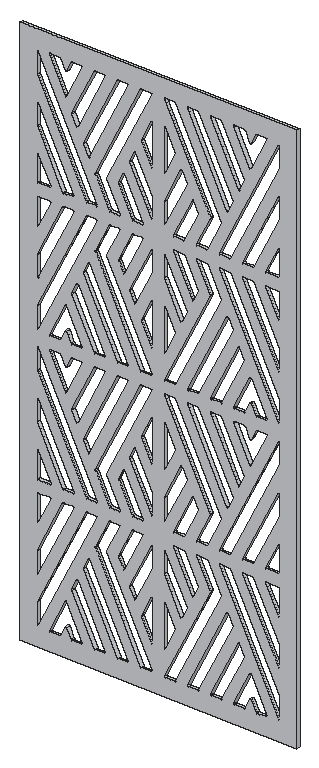
Revit family "Parking Panel 1", category Generic Models, Revit 2016
Family settings
  Part Type = Normal
  Can host rebar = No
  Round Connector Dimension = Use Diameter
  Work Plane-Based = Yes
  Always vertical = No
  Cut with Voids When Loaded = No
  Shared = No
  Room Calculation Point = No
Parameters
  Default Elevation = 4' - 0"
Reference planes (in)
  plane 1 "Center (Front/Back)": y = 0
  plane 2: z = 0
  plane 3 "Center (Left/Right)": x = 0
Forms (in)
  Extrusion 1, solid
    sketch origin (288, 0, 0) x (1, 0, 0) y (0, 0, 1)
      loop
        line (-240, 96) -> (-288, 96) -> (-288, 0) -> (-240, 0) -> (-240, 96)
      loop
        arc (-284.7632, 92.52639) -> (-284.90372, 92.59215) -> (-285, 92.47049) r 0.125
        line (-285, 92.47049) -> (-285, 89.02951)
        arc (-285, 89.02951) -> (-284.99666, 89.00079) -> (-284.9868, 88.97361) r 0.125
        line (-284.9868, 88.97361) -> (-276.53455, 72.0691)
        arc (-276.53455, 72.0691) -> (-276.48846, 72.01867) -> (-276.42275, 72) r 0.125
        line (-276.42275, 72) -> (-274.70225, 72)
        arc (-274.70225, 72) -> (-274.59592, 72.05928) -> (-274.59045, 72.1809) r 0.125
        line (-274.59045, 72.1809) -> (-284.7632, 92.52639)
      loop
        line (-278.59045, 72.1809) -> (-284.7632, 84.52639)
        arc (-284.7632, 84.52639) -> (-284.90372, 84.59215) -> (-285, 84.47049) r 0.125
        line (-285, 84.47049) -> (-285, 81.02951)
        arc (-285, 81.02951) -> (-284.99666, 81.00079) -> (-284.9868, 80.97361) r 0.125
        line (-284.9868, 80.97361) -> (-280.53455, 72.0691)
        arc (-280.53455, 72.0691) -> (-280.48846, 72.01867) -> (-280.42275, 72) r 0.125
        line (-280.42275, 72) -> (-278.70225, 72)
        arc (-278.70225, 72) -> (-278.59592, 72.05928) -> (-278.59045, 72.1809) r 0.125
      loop
        arc (-282.70225, 72) -> (-282.59592, 72.05928) -> (-282.59045, 72.1809) r 0.125
        line (-282.59045, 72.1809) -> (-284.7632, 76.52639)
        arc (-284.7632, 76.52639) -> (-284.90372, 76.59215) -> (-285, 76.47049) r 0.125
        line (-285, 76.47049) -> (-285, 72.125)
        arc (-285, 72.125) -> (-284.96339, 72.03661) -> (-284.875, 72) r 0.125
        line (-284.875, 72) -> (-282.70225, 72)
      loop
        arc (-282.79775, 93) -> (-282.90408, 92.94072) -> (-282.90955, 92.8191) r 0.125
        line (-282.90955, 92.8191) -> (-280.1118, 87.22361)
        arc (-280.1118, 87.22361) -> (-280, 87.15451) -> (-279.8882, 87.22361) r 0.125
        line (-279.8882, 87.22361) -> (-277.09045, 92.8191)
        arc (-277.09045, 92.8191) -> (-277.09592, 92.94072) -> (-277.20225, 93) r 0.125
        line (-277.20225, 93) -> (-278.92275, 93)
        arc (-278.92275, 93) -> (-278.98846, 92.98133) -> (-279.03455, 92.9309) r 0.125
        line (-279.03455, 92.9309) -> (-279.8882, 91.22361)
        arc (-279.8882, 91.22361) -> (-280, 91.15451) -> (-280.1118, 91.22361) r 0.125
        line (-280.1118, 91.22361) -> (-280.96545, 92.9309)
        arc (-280.96545, 92.9309) -> (-281.01154, 92.98133) -> (-281.07725, 93) r 0.125
        line (-281.07725, 93) -> (-282.79775, 93)
      loop
        line (-278.97205, 84.9441) -> (-278.1118, 83.22361)
        arc (-278.1118, 83.22361) -> (-278, 83.15451) -> (-277.8882, 83.22361) r 0.125
        line (-277.8882, 83.22361) -> (-273.09045, 92.8191)
        arc (-273.09045, 92.8191) -> (-273.09592, 92.94072) -> (-273.20225, 93) r 0.125
        line (-273.20225, 93) -> (-274.92275, 93)
        arc (-274.92275, 93) -> (-274.98846, 92.98133) -> (-275.03455, 92.9309) r 0.125
        line (-275.03455, 92.9309) -> (-278.97205, 85.0559)
        arc (-278.97205, 85.0559) -> (-278.98525, 85) -> (-278.97205, 84.9441) r 0.125
      loop
        arc (-269.09045, 92.8191) -> (-269.09592, 92.94072) -> (-269.20225, 93) r 0.125
        line (-269.20225, 93) -> (-270.92275, 93)
        arc (-270.92275, 93) -> (-270.98846, 92.98133) -> (-271.03455, 92.9309) r 0.125
        line (-271.03455, 92.9309) -> (-276.97205, 81.0559)
        arc (-276.97205, 81.0559) -> (-276.98525, 81) -> (-276.97205, 80.9441) r 0.125
        line (-276.97205, 80.9441) -> (-276.1118, 79.22361)
        arc (-276.1118, 79.22361) -> (-276, 79.15451) -> (-275.8882, 79.22361) r 0.125
        line (-275.8882, 79.22361) -> (-269.09045, 92.8191)
      loop
        line (-274.97205, 76.9441) -> (-272.53455, 72.0691)
        arc (-272.53455, 72.0691) -> (-272.48846, 72.01867) -> (-272.42275, 72) r 0.125
        line (-272.42275, 72) -> (-270.70225, 72)
        arc (-270.70225, 72) -> (-270.59592, 72.05928) -> (-270.59045, 72.1809) r 0.125
        line (-270.59045, 72.1809) -> (-272.97205, 76.9441)
        arc (-272.97205, 76.9441) -> (-272.98525, 77) -> (-272.97205, 77.0559) r 0.125
        line (-272.97205, 77.0559) -> (-265.09045, 92.8191)
        arc (-265.09045, 92.8191) -> (-265.09592, 92.94072) -> (-265.20225, 93) r 0.125
        line (-265.20225, 93) -> (-266.92275, 93)
        arc (-266.92275, 93) -> (-266.98846, 92.98133) -> (-267.03455, 92.9309) r 0.125
        line (-267.03455, 92.9309) -> (-274.97205, 77.0559)
        arc (-274.97205, 77.0559) -> (-274.98525, 77) -> (-274.97205, 76.9441) r 0.125
      loop
        arc (-265, 88.47049) -> (-265.09628, 88.59215) -> (-265.2368, 88.52639) r 0.125
        line (-265.2368, 88.52639) -> (-266.99292, 85.01416)
        arc (-266.99292, 85.01416) -> (-267.00612, 84.95826) -> (-266.99292, 84.90235) r 0.125
        line (-266.99292, 84.90235) -> (-265.2368, 81.39012)
        arc (-265.2368, 81.39012) -> (-265.09628, 81.32436) -> (-265, 81.44602) r 0.125
        line (-265, 81.44602) -> (-265, 88.47049)
      loop
        arc (-265, 76.887) -> (-265.00334, 76.91572) -> (-265.0132, 76.9429) r 0.125
        line (-265.0132, 76.9429) -> (-267.90907, 82.73465)
        arc (-267.90907, 82.73465) -> (-268.02087, 82.80375) -> (-268.13268, 82.73465) r 0.125
        line (-268.13268, 82.73465) -> (-268.98249, 81.03503)
        arc (-268.98249, 81.03503) -> (-268.99568, 80.97913) -> (-268.98249, 80.92323) r 0.125
        line (-268.98249, 80.92323) -> (-265.2368, 73.43186)
        arc (-265.2368, 73.43186) -> (-265.09628, 73.36611) -> (-265, 73.48776) r 0.125
        line (-265, 73.48776) -> (-265, 76.887)
      loop
        arc (-270.97205, 77.0559) -> (-270.98525, 77) -> (-270.97205, 76.9441) r 0.125
        line (-270.97205, 76.9441) -> (-268.53523, 72.07046)
        arc (-268.53523, 72.07046) -> (-268.48914, 72.02003) -> (-268.42343, 72.00136) r 0.125
        line (-268.42343, 72.00136) -> (-266.72381, 72.00136)
        arc (-266.72381, 72.00136) -> (-266.61748, 72.06064) -> (-266.612, 72.18226) r 0.125
        line (-266.612, 72.18226) -> (-269.89863, 78.75552)
        arc (-269.89863, 78.75552) -> (-270.01044, 78.82462) -> (-270.12224, 78.75552) r 0.125
        line (-270.12224, 78.75552) -> (-270.97205, 77.0559)
      loop
        line (-284.7632, 49.47361) -> (-274.59045, 69.8191)
        arc (-274.59045, 69.8191) -> (-274.59592, 69.94072) -> (-274.70225, 70) r 0.125
        line (-274.70225, 70) -> (-276.42275, 70)
        arc (-276.42275, 70) -> (-276.48846, 69.98133) -> (-276.53455, 69.9309) r 0.125
        line (-276.53455, 69.9309) -> (-284.9868, 53.02639)
        arc (-284.9868, 53.02639) -> (-284.99666, 52.99921) -> (-285, 52.97049) r 0.125
        line (-285, 52.97049) -> (-285, 49.52951)
        arc (-285, 49.52951) -> (-284.90372, 49.40785) -> (-284.7632, 49.47361) r 0.125
      loop
        arc (-278.59045, 69.8191) -> (-278.59592, 69.94072) -> (-278.70225, 70) r 0.125
        line (-278.70225, 70) -> (-280.42275, 70)
        arc (-280.42275, 70) -> (-280.48846, 69.98133) -> (-280.53455, 69.9309) r 0.125
        line (-280.53455, 69.9309) -> (-284.9868, 61.02639)
        arc (-284.9868, 61.02639) -> (-284.99666, 60.99921) -> (-285, 60.97049) r 0.125
        line (-285, 60.97049) -> (-285, 57.52951)
        arc (-285, 57.52951) -> (-284.90372, 57.40785) -> (-284.7632, 57.47361) r 0.125
        line (-284.7632, 57.47361) -> (-278.59045, 69.8191)
      loop
        line (-282.70225, 70) -> (-284.875, 70)
        arc (-284.875, 70) -> (-284.96339, 69.96339) -> (-285, 69.875) r 0.125
        line (-285, 69.875) -> (-285, 65.52951)
        arc (-285, 65.52951) -> (-284.90372, 65.40785) -> (-284.7632, 65.47361) r 0.125
        line (-284.7632, 65.47361) -> (-282.59045, 69.8191)
        arc (-282.59045, 69.8191) -> (-282.59592, 69.94072) -> (-282.70225, 70) r 0.125
      loop
        line (-282.79775, 49) -> (-281.07725, 49)
        arc (-281.07725, 49) -> (-281.01154, 49.01867) -> (-280.96545, 49.0691) r 0.125
        line (-280.96545, 49.0691) -> (-280.1118, 50.77639)
        arc (-280.1118, 50.77639) -> (-280, 50.84549) -> (-279.8882, 50.77639) r 0.125
        line (-279.8882, 50.77639) -> (-279.03455, 49.0691)
        arc (-279.03455, 49.0691) -> (-278.98846, 49.01867) -> (-278.92275, 49) r 0.125
        line (-278.92275, 49) -> (-277.20225, 49)
        arc (-277.20225, 49) -> (-277.09592, 49.05928) -> (-277.09045, 49.1809) r 0.125
        line (-277.09045, 49.1809) -> (-279.8882, 54.77639)
        arc (-279.8882, 54.77639) -> (-280, 54.84549) -> (-280.1118, 54.77639) r 0.125
        line (-280.1118, 54.77639) -> (-282.90955, 49.1809)
        arc (-282.90955, 49.1809) -> (-282.90408, 49.05928) -> (-282.79775, 49) r 0.125
      loop
        arc (-278.97205, 57.0559) -> (-278.98525, 57) -> (-278.97205, 56.9441) r 0.125
        line (-278.97205, 56.9441) -> (-275.03455, 49.0691)
        arc (-275.03455, 49.0691) -> (-274.98846, 49.01867) -> (-274.92275, 49) r 0.125
        line (-274.92275, 49) -> (-273.20225, 49)
        arc (-273.20225, 49) -> (-273.09592, 49.05928) -> (-273.09045, 49.1809) r 0.125
        line (-273.09045, 49.1809) -> (-277.8882, 58.77639)
        arc (-277.8882, 58.77639) -> (-278, 58.84549) -> (-278.1118, 58.77639) r 0.125
        line (-278.1118, 58.77639) -> (-278.97205, 57.0559)
      loop
        line (-269.09045, 49.1809) -> (-275.8882, 62.77639)
        arc (-275.8882, 62.77639) -> (-276, 62.84549) -> (-276.1118, 62.77639) r 0.125
        line (-276.1118, 62.77639) -> (-276.97205, 61.0559)
        arc (-276.97205, 61.0559) -> (-276.98525, 61) -> (-276.97205, 60.9441) r 0.125
        line (-276.97205, 60.9441) -> (-271.03455, 49.0691)
        arc (-271.03455, 49.0691) -> (-270.98846, 49.01867) -> (-270.92275, 49) r 0.125
        line (-270.92275, 49) -> (-269.20225, 49)
        arc (-269.20225, 49) -> (-269.09592, 49.05928) -> (-269.09045, 49.1809) r 0.125
      loop
        arc (-274.97205, 65.0559) -> (-274.98525, 65) -> (-274.97205, 64.9441) r 0.125
        line (-274.97205, 64.9441) -> (-267.03455, 49.0691)
        arc (-267.03455, 49.0691) -> (-266.98846, 49.01867) -> (-266.92275, 49) r 0.125
        line (-266.92275, 49) -> (-265.20225, 49)
        arc (-265.20225, 49) -> (-265.09592, 49.05928) -> (-265.09045, 49.1809) r 0.125
        line (-265.09045, 49.1809) -> (-272.97205, 64.9441)
        arc (-272.97205, 64.9441) -> (-272.98525, 65) -> (-272.97205, 65.0559) r 0.125
        line (-272.97205, 65.0559) -> (-270.59045, 69.8191)
        arc (-270.59045, 69.8191) -> (-270.59592, 69.94072) -> (-270.70225, 70) r 0.125
        line (-270.70225, 70) -> (-272.42275, 70)
        arc (-272.42275, 70) -> (-272.48846, 69.98133) -> (-272.53455, 69.9309) r 0.125
        line (-272.53455, 69.9309) -> (-274.97205, 65.0559)
      loop
        line (-265, 53.52951) -> (-265, 60.55398)
        arc (-265, 60.55398) -> (-265.09628, 60.67564) -> (-265.2368, 60.60988) r 0.125
        line (-265.2368, 60.60988) -> (-266.99292, 57.09765)
        arc (-266.99292, 57.09765) -> (-267.00612, 57.04174) -> (-266.99292, 56.98584) r 0.125
        line (-266.99292, 56.98584) -> (-265.2368, 53.47361)
        arc (-265.2368, 53.47361) -> (-265.09628, 53.40785) -> (-265, 53.52951) r 0.125
      loop
        line (-265, 65.113) -> (-265, 68.51224)
        arc (-265, 68.51224) -> (-265.09628, 68.63389) -> (-265.2368, 68.56814) r 0.125
        line (-265.2368, 68.56814) -> (-268.98249, 61.07677)
        arc (-268.98249, 61.07677) -> (-268.99568, 61.02087) -> (-268.98249, 60.96497) r 0.125
        line (-268.98249, 60.96497) -> (-268.13268, 59.26535)
        arc (-268.13268, 59.26535) -> (-268.02087, 59.19625) -> (-267.90907, 59.26535) r 0.125
        line (-267.90907, 59.26535) -> (-265.0132, 65.0571)
        arc (-265.0132, 65.0571) -> (-265.00334, 65.08428) -> (-265, 65.113) r 0.125
      loop
        line (-270.97205, 64.9441) -> (-270.12224, 63.24448)
        arc (-270.12224, 63.24448) -> (-270.01044, 63.17538) -> (-269.89863, 63.24448) r 0.125
        line (-269.89863, 63.24448) -> (-266.612, 69.81774)
        arc (-266.612, 69.81774) -> (-266.61748, 69.93936) -> (-266.72381, 69.99864) r 0.125
        line (-266.72381, 69.99864) -> (-268.42343, 69.99864)
        arc (-268.42343, 69.99864) -> (-268.48914, 69.97997) -> (-268.53523, 69.92954) r 0.125
        line (-268.53523, 69.92954) -> (-270.97205, 65.0559)
        arc (-270.97205, 65.0559) -> (-270.98525, 65) -> (-270.97205, 64.9441) r 0.125
      loop
        line (-243.2368, 92.52639) -> (-253.40955, 72.1809)
        arc (-253.40955, 72.1809) -> (-253.40408, 72.05928) -> (-253.29775, 72) r 0.125
        line (-253.29775, 72) -> (-251.57725, 72)
        arc (-251.57725, 72) -> (-251.51154, 72.01867) -> (-251.46545, 72.0691) r 0.125
        line (-251.46545, 72.0691) -> (-243.0132, 88.97361)
        arc (-243.0132, 88.97361) -> (-243.00334, 89.00079) -> (-243, 89.02951) r 0.125
        line (-243, 89.02951) -> (-243, 92.47049)
        arc (-243, 92.47049) -> (-243.09628, 92.59215) -> (-243.2368, 92.52639) r 0.125
      loop
        arc (-249.40955, 72.1809) -> (-249.40408, 72.05928) -> (-249.29775, 72) r 0.125
        line (-249.29775, 72) -> (-247.57725, 72)
        arc (-247.57725, 72) -> (-247.51154, 72.01867) -> (-247.46545, 72.0691) r 0.125
        line (-247.46545, 72.0691) -> (-243.0132, 80.97361)
        arc (-243.0132, 80.97361) -> (-243.00334, 81.00079) -> (-243, 81.02951) r 0.125
        line (-243, 81.02951) -> (-243, 84.47049)
        arc (-243, 84.47049) -> (-243.09628, 84.59215) -> (-243.2368, 84.52639) r 0.125
        line (-243.2368, 84.52639) -> (-249.40955, 72.1809)
      loop
        line (-245.29775, 72) -> (-243.125, 72)
        arc (-243.125, 72) -> (-243.03661, 72.03661) -> (-243, 72.125) r 0.125
        line (-243, 72.125) -> (-243, 76.47049)
        arc (-243, 76.47049) -> (-243.09628, 76.59215) -> (-243.2368, 76.52639) r 0.125
        line (-243.2368, 76.52639) -> (-245.40955, 72.1809)
        arc (-245.40955, 72.1809) -> (-245.40408, 72.05928) -> (-245.29775, 72) r 0.125
      loop
        line (-245.20225, 93) -> (-246.92275, 93)
        arc (-246.92275, 93) -> (-246.98846, 92.98133) -> (-247.03455, 92.9309) r 0.125
        line (-247.03455, 92.9309) -> (-247.8882, 91.22361)
        arc (-247.8882, 91.22361) -> (-248, 91.15451) -> (-248.1118, 91.22361) r 0.125
        line (-248.1118, 91.22361) -> (-248.96545, 92.9309)
        arc (-248.96545, 92.9309) -> (-249.01154, 92.98133) -> (-249.07725, 93) r 0.125
        line (-249.07725, 93) -> (-250.79775, 93)
        arc (-250.79775, 93) -> (-250.90408, 92.94072) -> (-250.90955, 92.8191) r 0.125
        line (-250.90955, 92.8191) -> (-248.1118, 87.22361)
        arc (-248.1118, 87.22361) -> (-248, 87.15451) -> (-247.8882, 87.22361) r 0.125
        line (-247.8882, 87.22361) -> (-245.09045, 92.8191)
        arc (-245.09045, 92.8191) -> (-245.09592, 92.94072) -> (-245.20225, 93) r 0.125
      loop
        arc (-249.02795, 84.9441) -> (-249.01475, 85) -> (-249.02795, 85.0559) r 0.125
        line (-249.02795, 85.0559) -> (-252.96545, 92.9309)
        arc (-252.96545, 92.9309) -> (-253.01154, 92.98133) -> (-253.07725, 93) r 0.125
        line (-253.07725, 93) -> (-254.79775, 93)
        arc (-254.79775, 93) -> (-254.90408, 92.94072) -> (-254.90955, 92.8191) r 0.125
        line (-254.90955, 92.8191) -> (-250.1118, 83.22361)
        arc (-250.1118, 83.22361) -> (-250, 83.15451) -> (-249.8882, 83.22361) r 0.125
        line (-249.8882, 83.22361) -> (-249.02795, 84.9441)
      loop
        line (-258.90955, 92.8191) -> (-252.1118, 79.22361)
        arc (-252.1118, 79.22361) -> (-252, 79.15451) -> (-251.8882, 79.22361) r 0.125
        line (-251.8882, 79.22361) -> (-251.02795, 80.9441)
        arc (-251.02795, 80.9441) -> (-251.01475, 81) -> (-251.02795, 81.0559) r 0.125
        line (-251.02795, 81.0559) -> (-256.96545, 92.9309)
        arc (-256.96545, 92.9309) -> (-257.01154, 92.98133) -> (-257.07725, 93) r 0.125
        line (-257.07725, 93) -> (-258.79775, 93)
        arc (-258.79775, 93) -> (-258.90408, 92.94072) -> (-258.90955, 92.8191) r 0.125
      loop
        arc (-253.02795, 76.9441) -> (-253.01475, 77) -> (-253.02795, 77.0559) r 0.125
        line (-253.02795, 77.0559) -> (-260.96545, 92.9309)
        arc (-260.96545, 92.9309) -> (-261.01154, 92.98133) -> (-261.07725, 93) r 0.125
        line (-261.07725, 93) -> (-262.79775, 93)
        arc (-262.79775, 93) -> (-262.90408, 92.94072) -> (-262.90955, 92.8191) r 0.125
        line (-262.90955, 92.8191) -> (-255.02795, 77.0559)
        arc (-255.02795, 77.0559) -> (-255.01475, 77) -> (-255.02795, 76.9441) r 0.125
        line (-255.02795, 76.9441) -> (-257.40955, 72.1809)
        arc (-257.40955, 72.1809) -> (-257.40408, 72.05928) -> (-257.29775, 72) r 0.125
        line (-257.29775, 72) -> (-255.57725, 72)
        arc (-255.57725, 72) -> (-255.51154, 72.01867) -> (-255.46545, 72.0691) r 0.125
        line (-255.46545, 72.0691) -> (-253.02795, 76.9441)
      loop
        line (-263, 88.47049) -> (-263, 81.44602)
        arc (-263, 81.44602) -> (-262.90372, 81.32436) -> (-262.7632, 81.39012) r 0.125
        line (-262.7632, 81.39012) -> (-261.00708, 84.90235)
        arc (-261.00708, 84.90235) -> (-260.99388, 84.95826) -> (-261.00708, 85.01416) r 0.125
        line (-261.00708, 85.01416) -> (-262.7632, 88.52639)
        arc (-262.7632, 88.52639) -> (-262.90372, 88.59215) -> (-263, 88.47049) r 0.125
      loop
        line (-263, 76.887) -> (-263, 73.48776)
        arc (-263, 73.48776) -> (-262.90372, 73.36611) -> (-262.7632, 73.43186) r 0.125
        line (-262.7632, 73.43186) -> (-259.01751, 80.92323)
        arc (-259.01751, 80.92323) -> (-259.00432, 80.97913) -> (-259.01751, 81.03503) r 0.125
        line (-259.01751, 81.03503) -> (-259.86732, 82.73465)
        arc (-259.86732, 82.73465) -> (-259.97913, 82.80375) -> (-260.09093, 82.73465) r 0.125
        line (-260.09093, 82.73465) -> (-262.9868, 76.9429)
        arc (-262.9868, 76.9429) -> (-262.99666, 76.91572) -> (-263, 76.887) r 0.125
      loop
        line (-257.02795, 77.0559) -> (-257.87776, 78.75552)
        arc (-257.87776, 78.75552) -> (-257.98956, 78.82462) -> (-258.10137, 78.75552) r 0.125
        line (-258.10137, 78.75552) -> (-261.388, 72.18226)
        arc (-261.388, 72.18226) -> (-261.38252, 72.06064) -> (-261.27619, 72.00136) r 0.125
        line (-261.27619, 72.00136) -> (-259.57657, 72.00136)
        arc (-259.57657, 72.00136) -> (-259.51086, 72.02003) -> (-259.46477, 72.07046) r 0.125
        line (-259.46477, 72.07046) -> (-257.02795, 76.9441)
        arc (-257.02795, 76.9441) -> (-257.01475, 77) -> (-257.02795, 77.0559) r 0.125
      loop
        line (-253.40955, 69.8191) -> (-243.2368, 49.47361)
        arc (-243.2368, 49.47361) -> (-243.09628, 49.40785) -> (-243, 49.52951) r 0.125
        line (-243, 49.52951) -> (-243, 52.97049)
        arc (-243, 52.97049) -> (-243.00334, 52.99921) -> (-243.0132, 53.02639) r 0.125
        line (-243.0132, 53.02639) -> (-251.46545, 69.9309)
        arc (-251.46545, 69.9309) -> (-251.51154, 69.98133) -> (-251.57725, 70) r 0.125
        line (-251.57725, 70) -> (-253.29775, 70)
        arc (-253.29775, 70) -> (-253.40408, 69.94072) -> (-253.40955, 69.8191) r 0.125
      loop
        line (-249.40955, 69.8191) -> (-243.2368, 57.47361)
        arc (-243.2368, 57.47361) -> (-243.09628, 57.40785) -> (-243, 57.52951) r 0.125
        line (-243, 57.52951) -> (-243, 60.97049)
        arc (-243, 60.97049) -> (-243.00334, 60.99921) -> (-243.0132, 61.02639) r 0.125
        line (-243.0132, 61.02639) -> (-247.46545, 69.9309)
        arc (-247.46545, 69.9309) -> (-247.51154, 69.98133) -> (-247.57725, 70) r 0.125
        line (-247.57725, 70) -> (-249.29775, 70)
        arc (-249.29775, 70) -> (-249.40408, 69.94072) -> (-249.40955, 69.8191) r 0.125
      loop
        arc (-245.29775, 70) -> (-245.40408, 69.94072) -> (-245.40955, 69.8191) r 0.125
        line (-245.40955, 69.8191) -> (-243.2368, 65.47361)
        arc (-243.2368, 65.47361) -> (-243.09628, 65.40785) -> (-243, 65.52951) r 0.125
        line (-243, 65.52951) -> (-243, 69.875)
        arc (-243, 69.875) -> (-243.03661, 69.96339) -> (-243.125, 70) r 0.125
        line (-243.125, 70) -> (-245.29775, 70)
      loop
        arc (-245.20225, 49) -> (-245.09592, 49.05928) -> (-245.09045, 49.1809) r 0.125
        line (-245.09045, 49.1809) -> (-247.8882, 54.77639)
        arc (-247.8882, 54.77639) -> (-248, 54.84549) -> (-248.1118, 54.77639) r 0.125
        line (-248.1118, 54.77639) -> (-250.90955, 49.1809)
        arc (-250.90955, 49.1809) -> (-250.90408, 49.05928) -> (-250.79775, 49) r 0.125
        line (-250.79775, 49) -> (-249.07725, 49)
        arc (-249.07725, 49) -> (-249.01154, 49.01867) -> (-248.96545, 49.0691) r 0.125
        line (-248.96545, 49.0691) -> (-248.1118, 50.77639)
        arc (-248.1118, 50.77639) -> (-248, 50.84549) -> (-247.8882, 50.77639) r 0.125
        line (-247.8882, 50.77639) -> (-247.03455, 49.0691)
        arc (-247.03455, 49.0691) -> (-246.98846, 49.01867) -> (-246.92275, 49) r 0.125
        line (-246.92275, 49) -> (-245.20225, 49)
      loop
        line (-249.02795, 57.0559) -> (-249.8882, 58.77639)
        arc (-249.8882, 58.77639) -> (-250, 58.84549) -> (-250.1118, 58.77639) r 0.125
        line (-250.1118, 58.77639) -> (-254.90955, 49.1809)
        arc (-254.90955, 49.1809) -> (-254.90408, 49.05928) -> (-254.79775, 49) r 0.125
        line (-254.79775, 49) -> (-253.07725, 49)
        arc (-253.07725, 49) -> (-253.01154, 49.01867) -> (-252.96545, 49.0691) r 0.125
        line (-252.96545, 49.0691) -> (-249.02795, 56.9441)
        arc (-249.02795, 56.9441) -> (-249.01475, 57) -> (-249.02795, 57.0559) r 0.125
      loop
        arc (-258.90955, 49.1809) -> (-258.90408, 49.05928) -> (-258.79775, 49) r 0.125
        line (-258.79775, 49) -> (-257.07725, 49)
        arc (-257.07725, 49) -> (-257.01154, 49.01867) -> (-256.96545, 49.0691) r 0.125
        line (-256.96545, 49.0691) -> (-251.02795, 60.9441)
        arc (-251.02795, 60.9441) -> (-251.01475, 61) -> (-251.02795, 61.0559) r 0.125
        line (-251.02795, 61.0559) -> (-251.8882, 62.77639)
        arc (-251.8882, 62.77639) -> (-252, 62.84549) -> (-252.1118, 62.77639) r 0.125
        line (-252.1118, 62.77639) -> (-258.90955, 49.1809)
      loop
        line (-253.02795, 65.0559) -> (-255.46545, 69.9309)
        arc (-255.46545, 69.9309) -> (-255.51154, 69.98133) -> (-255.57725, 70) r 0.125
        line (-255.57725, 70) -> (-257.29775, 70)
        arc (-257.29775, 70) -> (-257.40408, 69.94072) -> (-257.40955, 69.8191) r 0.125
        line (-257.40955, 69.8191) -> (-255.02795, 65.0559)
        arc (-255.02795, 65.0559) -> (-255.01475, 65) -> (-255.02795, 64.9441) r 0.125
        line (-255.02795, 64.9441) -> (-262.90955, 49.1809)
        arc (-262.90955, 49.1809) -> (-262.90408, 49.05928) -> (-262.79775, 49) r 0.125
        line (-262.79775, 49) -> (-261.07725, 49)
        arc (-261.07725, 49) -> (-261.01154, 49.01867) -> (-260.96545, 49.0691) r 0.125
        line (-260.96545, 49.0691) -> (-253.02795, 64.9441)
        arc (-253.02795, 64.9441) -> (-253.01475, 65) -> (-253.02795, 65.0559) r 0.125
      loop
        arc (-263, 53.52951) -> (-262.90372, 53.40785) -> (-262.7632, 53.47361) r 0.125
        line (-262.7632, 53.47361) -> (-261.00708, 56.98584)
        arc (-261.00708, 56.98584) -> (-260.99388, 57.04174) -> (-261.00708, 57.09765) r 0.125
        line (-261.00708, 57.09765) -> (-262.7632, 60.60988)
        arc (-262.7632, 60.60988) -> (-262.90372, 60.67564) -> (-263, 60.55398) r 0.125
        line (-263, 60.55398) -> (-263, 53.52951)
      loop
        arc (-263, 65.113) -> (-262.99666, 65.08428) -> (-262.9868, 65.0571) r 0.125
        line (-262.9868, 65.0571) -> (-260.09093, 59.26535)
        arc (-260.09093, 59.26535) -> (-259.97913, 59.19625) -> (-259.86732, 59.26535) r 0.125
        line (-259.86732, 59.26535) -> (-259.01751, 60.96497)
        arc (-259.01751, 60.96497) -> (-259.00432, 61.02087) -> (-259.01751, 61.07677) r 0.125
        line (-259.01751, 61.07677) -> (-262.7632, 68.56814)
        arc (-262.7632, 68.56814) -> (-262.90372, 68.63389) -> (-263, 68.51224) r 0.125
        line (-263, 68.51224) -> (-263, 65.113)
      loop
        arc (-257.02795, 64.9441) -> (-257.01475, 65) -> (-257.02795, 65.0559) r 0.125
        line (-257.02795, 65.0559) -> (-259.46477, 69.92954)
        arc (-259.46477, 69.92954) -> (-259.51086, 69.97997) -> (-259.57657, 69.99864) r 0.125
        line (-259.57657, 69.99864) -> (-261.27619, 69.99864)
        arc (-261.27619, 69.99864) -> (-261.38252, 69.93936) -> (-261.388, 69.81774) r 0.125
        line (-261.388, 69.81774) -> (-258.10137, 63.24448)
        arc (-258.10137, 63.24448) -> (-257.98956, 63.17538) -> (-257.87776, 63.24448) r 0.125
        line (-257.87776, 63.24448) -> (-257.02795, 64.9441)
      loop
        line (-284.7632, 3.47361) -> (-274.59045, 23.8191)
        arc (-274.59045, 23.8191) -> (-274.59592, 23.94072) -> (-274.70225, 24) r 0.125
        line (-274.70225, 24) -> (-276.42275, 24)
        arc (-276.42275, 24) -> (-276.48846, 23.98133) -> (-276.53455, 23.9309) r 0.125
        line (-276.53455, 23.9309) -> (-284.9868, 7.02639)
        arc (-284.9868, 7.02639) -> (-284.99666, 6.99921) -> (-285, 6.97049) r 0.125
        line (-285, 6.97049) -> (-285, 3.52951)
        arc (-285, 3.52951) -> (-284.90372, 3.40785) -> (-284.7632, 3.47361) r 0.125
      loop
        arc (-278.59045, 23.8191) -> (-278.59592, 23.94072) -> (-278.70225, 24) r 0.125
        line (-278.70225, 24) -> (-280.42275, 24)
        arc (-280.42275, 24) -> (-280.48846, 23.98133) -> (-280.53455, 23.9309) r 0.125
        line (-280.53455, 23.9309) -> (-284.9868, 15.02639)
        arc (-284.9868, 15.02639) -> (-284.99666, 14.99921) -> (-285, 14.97049) r 0.125
        line (-285, 14.97049) -> (-285, 11.52951)
        arc (-285, 11.52951) -> (-284.90372, 11.40785) -> (-284.7632, 11.47361) r 0.125
        line (-284.7632, 11.47361) -> (-278.59045, 23.8191)
      loop
        line (-282.70225, 24) -> (-284.875, 24)
        arc (-284.875, 24) -> (-284.96339, 23.96339) -> (-285, 23.875) r 0.125
        line (-285, 23.875) -> (-285, 19.52951)
        arc (-285, 19.52951) -> (-284.90372, 19.40785) -> (-284.7632, 19.47361) r 0.125
        line (-284.7632, 19.47361) -> (-282.59045, 23.8191)
        arc (-282.59045, 23.8191) -> (-282.59592, 23.94072) -> (-282.70225, 24) r 0.125
      loop
        line (-282.79775, 3) -> (-281.07725, 3)
        arc (-281.07725, 3) -> (-281.01154, 3.01867) -> (-280.96545, 3.0691) r 0.125
        line (-280.96545, 3.0691) -> (-280.1118, 4.77639)
        arc (-280.1118, 4.77639) -> (-280, 4.84549) -> (-279.8882, 4.77639) r 0.125
        line (-279.8882, 4.77639) -> (-279.03455, 3.0691)
        arc (-279.03455, 3.0691) -> (-278.98846, 3.01867) -> (-278.92275, 3) r 0.125
        line (-278.92275, 3) -> (-277.20225, 3)
        arc (-277.20225, 3) -> (-277.09592, 3.05928) -> (-277.09045, 3.1809) r 0.125
        line (-277.09045, 3.1809) -> (-279.8882, 8.77639)
        arc (-279.8882, 8.77639) -> (-280, 8.84549) -> (-280.1118, 8.77639) r 0.125
        line (-280.1118, 8.77639) -> (-282.90955, 3.1809)
        arc (-282.90955, 3.1809) -> (-282.90408, 3.05928) -> (-282.79775, 3) r 0.125
      loop
        arc (-278.97205, 11.0559) -> (-278.98525, 11) -> (-278.97205, 10.9441) r 0.125
        line (-278.97205, 10.9441) -> (-275.03455, 3.0691)
        arc (-275.03455, 3.0691) -> (-274.98846, 3.01867) -> (-274.92275, 3) r 0.125
        line (-274.92275, 3) -> (-273.20225, 3)
        arc (-273.20225, 3) -> (-273.09592, 3.05928) -> (-273.09045, 3.1809) r 0.125
        line (-273.09045, 3.1809) -> (-277.8882, 12.77639)
        arc (-277.8882, 12.77639) -> (-278, 12.84549) -> (-278.1118, 12.77639) r 0.125
        line (-278.1118, 12.77639) -> (-278.97205, 11.0559)
      loop
        line (-269.09045, 3.1809) -> (-275.8882, 16.77639)
        arc (-275.8882, 16.77639) -> (-276, 16.84549) -> (-276.1118, 16.77639) r 0.125
        line (-276.1118, 16.77639) -> (-276.97205, 15.0559)
        arc (-276.97205, 15.0559) -> (-276.98525, 15) -> (-276.97205, 14.9441) r 0.125
        line (-276.97205, 14.9441) -> (-271.03455, 3.0691)
        arc (-271.03455, 3.0691) -> (-270.98846, 3.01867) -> (-270.92275, 3) r 0.125
        line (-270.92275, 3) -> (-269.20225, 3)
        arc (-269.20225, 3) -> (-269.09592, 3.05928) -> (-269.09045, 3.1809) r 0.125
      loop
        arc (-274.97205, 19.0559) -> (-274.98525, 19) -> (-274.97205, 18.9441) r 0.125
        line (-274.97205, 18.9441) -> (-267.03455, 3.0691)
        arc (-267.03455, 3.0691) -> (-266.98846, 3.01867) -> (-266.92275, 3) r 0.125
        line (-266.92275, 3) -> (-265.20225, 3)
        arc (-265.20225, 3) -> (-265.09592, 3.05928) -> (-265.09045, 3.1809) r 0.125
        line (-265.09045, 3.1809) -> (-272.97205, 18.9441)
        arc (-272.97205, 18.9441) -> (-272.98525, 19) -> (-272.97205, 19.0559) r 0.125
        line (-272.97205, 19.0559) -> (-270.59045, 23.8191)
        arc (-270.59045, 23.8191) -> (-270.59592, 23.94072) -> (-270.70225, 24) r 0.125
        line (-270.70225, 24) -> (-272.42275, 24)
        arc (-272.42275, 24) -> (-272.48846, 23.98133) -> (-272.53455, 23.9309) r 0.125
        line (-272.53455, 23.9309) -> (-274.97205, 19.0559)
      loop
        line (-265, 7.52951) -> (-265, 14.55398)
        arc (-265, 14.55398) -> (-265.09628, 14.67564) -> (-265.2368, 14.60988) r 0.125
        line (-265.2368, 14.60988) -> (-266.99292, 11.09765)
        arc (-266.99292, 11.09765) -> (-267.00612, 11.04174) -> (-266.99292, 10.98584) r 0.125
        line (-266.99292, 10.98584) -> (-265.2368, 7.47361)
        arc (-265.2368, 7.47361) -> (-265.09628, 7.40785) -> (-265, 7.52951) r 0.125
      loop
        line (-265, 19.113) -> (-265, 22.51224)
        arc (-265, 22.51224) -> (-265.09628, 22.63389) -> (-265.2368, 22.56814) r 0.125
        line (-265.2368, 22.56814) -> (-268.98249, 15.07677)
        arc (-268.98249, 15.07677) -> (-268.99568, 15.02087) -> (-268.98249, 14.96497) r 0.125
        line (-268.98249, 14.96497) -> (-268.13268, 13.26535)
        arc (-268.13268, 13.26535) -> (-268.02087, 13.19625) -> (-267.90907, 13.26535) r 0.125
        line (-267.90907, 13.26535) -> (-265.0132, 19.0571)
        arc (-265.0132, 19.0571) -> (-265.00334, 19.08428) -> (-265, 19.113) r 0.125
      loop
        line (-270.97205, 18.9441) -> (-270.12224, 17.24448)
        arc (-270.12224, 17.24448) -> (-270.01044, 17.17538) -> (-269.89863, 17.24448) r 0.125
        line (-269.89863, 17.24448) -> (-266.612, 23.81774)
        arc (-266.612, 23.81774) -> (-266.61748, 23.93936) -> (-266.72381, 23.99864) r 0.125
        line (-266.72381, 23.99864) -> (-268.42343, 23.99864)
        arc (-268.42343, 23.99864) -> (-268.48914, 23.97997) -> (-268.53523, 23.92954) r 0.125
        line (-268.53523, 23.92954) -> (-270.97205, 19.0559)
        arc (-270.97205, 19.0559) -> (-270.98525, 19) -> (-270.97205, 18.9441) r 0.125
      loop
        arc (-284.7632, 46.52639) -> (-284.90372, 46.59215) -> (-285, 46.47049) r 0.125
        line (-285, 46.47049) -> (-285, 43.02951)
        arc (-285, 43.02951) -> (-284.99666, 43.00079) -> (-284.9868, 42.97361) r 0.125
        line (-284.9868, 42.97361) -> (-276.53455, 26.0691)
        arc (-276.53455, 26.0691) -> (-276.48846, 26.01867) -> (-276.42275, 26) r 0.125
        line (-276.42275, 26) -> (-274.70225, 26)
        arc (-274.70225, 26) -> (-274.59592, 26.05928) -> (-274.59045, 26.1809) r 0.125
        line (-274.59045, 26.1809) -> (-284.7632, 46.52639)
      loop
        line (-278.59045, 26.1809) -> (-284.7632, 38.52639)
        arc (-284.7632, 38.52639) -> (-284.90372, 38.59215) -> (-285, 38.47049) r 0.125
        line (-285, 38.47049) -> (-285, 35.02951)
        arc (-285, 35.02951) -> (-284.99666, 35.00079) -> (-284.9868, 34.97361) r 0.125
        line (-284.9868, 34.97361) -> (-280.53455, 26.0691)
        arc (-280.53455, 26.0691) -> (-280.48846, 26.01867) -> (-280.42275, 26) r 0.125
        line (-280.42275, 26) -> (-278.70225, 26)
        arc (-278.70225, 26) -> (-278.59592, 26.05928) -> (-278.59045, 26.1809) r 0.125
      loop
        arc (-282.70225, 26) -> (-282.59592, 26.05928) -> (-282.59045, 26.1809) r 0.125
        line (-282.59045, 26.1809) -> (-284.7632, 30.52639)
        arc (-284.7632, 30.52639) -> (-284.90372, 30.59215) -> (-285, 30.47049) r 0.125
        line (-285, 30.47049) -> (-285, 26.125)
        arc (-285, 26.125) -> (-284.96339, 26.03661) -> (-284.875, 26) r 0.125
        line (-284.875, 26) -> (-282.70225, 26)
      loop
        arc (-282.79775, 47) -> (-282.90408, 46.94072) -> (-282.90955, 46.8191) r 0.125
        line (-282.90955, 46.8191) -> (-280.1118, 41.22361)
        arc (-280.1118, 41.22361) -> (-280, 41.15451) -> (-279.8882, 41.22361) r 0.125
        line (-279.8882, 41.22361) -> (-277.09045, 46.8191)
        arc (-277.09045, 46.8191) -> (-277.09592, 46.94072) -> (-277.20225, 47) r 0.125
        line (-277.20225, 47) -> (-278.92275, 47)
        arc (-278.92275, 47) -> (-278.98846, 46.98133) -> (-279.03455, 46.9309) r 0.125
        line (-279.03455, 46.9309) -> (-279.8882, 45.22361)
        arc (-279.8882, 45.22361) -> (-280, 45.15451) -> (-280.1118, 45.22361) r 0.125
        line (-280.1118, 45.22361) -> (-280.96545, 46.9309)
        arc (-280.96545, 46.9309) -> (-281.01154, 46.98133) -> (-281.07725, 47) r 0.125
        line (-281.07725, 47) -> (-282.79775, 47)
      loop
        line (-278.97205, 38.9441) -> (-278.1118, 37.22361)
        arc (-278.1118, 37.22361) -> (-278, 37.15451) -> (-277.8882, 37.22361) r 0.125
        line (-277.8882, 37.22361) -> (-273.09045, 46.8191)
        arc (-273.09045, 46.8191) -> (-273.09592, 46.94072) -> (-273.20225, 47) r 0.125
        line (-273.20225, 47) -> (-274.92275, 47)
        arc (-274.92275, 47) -> (-274.98846, 46.98133) -> (-275.03455, 46.9309) r 0.125
        line (-275.03455, 46.9309) -> (-278.97205, 39.0559)
        arc (-278.97205, 39.0559) -> (-278.98525, 39) -> (-278.97205, 38.9441) r 0.125
      loop
        arc (-269.09045, 46.8191) -> (-269.09592, 46.94072) -> (-269.20225, 47) r 0.125
        line (-269.20225, 47) -> (-270.92275, 47)
        arc (-270.92275, 47) -> (-270.98846, 46.98133) -> (-271.03455, 46.9309) r 0.125
        line (-271.03455, 46.9309) -> (-276.97205, 35.0559)
        arc (-276.97205, 35.0559) -> (-276.98525, 35) -> (-276.97205, 34.9441) r 0.125
        line (-276.97205, 34.9441) -> (-276.1118, 33.22361)
        arc (-276.1118, 33.22361) -> (-276, 33.15451) -> (-275.8882, 33.22361) r 0.125
        line (-275.8882, 33.22361) -> (-269.09045, 46.8191)
      loop
        line (-274.97205, 30.9441) -> (-272.53455, 26.0691)
        arc (-272.53455, 26.0691) -> (-272.48846, 26.01867) -> (-272.42275, 26) r 0.125
        line (-272.42275, 26) -> (-270.70225, 26)
        arc (-270.70225, 26) -> (-270.59592, 26.05928) -> (-270.59045, 26.1809) r 0.125
        line (-270.59045, 26.1809) -> (-272.97205, 30.9441)
        arc (-272.97205, 30.9441) -> (-272.98525, 31) -> (-272.97205, 31.0559) r 0.125
        line (-272.97205, 31.0559) -> (-265.09045, 46.8191)
        arc (-265.09045, 46.8191) -> (-265.09592, 46.94072) -> (-265.20225, 47) r 0.125
        line (-265.20225, 47) -> (-266.92275, 47)
        arc (-266.92275, 47) -> (-266.98846, 46.98133) -> (-267.03455, 46.9309) r 0.125
        line (-267.03455, 46.9309) -> (-274.97205, 31.0559)
        arc (-274.97205, 31.0559) -> (-274.98525, 31) -> (-274.97205, 30.9441) r 0.125
      loop
        arc (-265, 42.47049) -> (-265.09628, 42.59215) -> (-265.2368, 42.52639) r 0.125
        line (-265.2368, 42.52639) -> (-266.99292, 39.01416)
        arc (-266.99292, 39.01416) -> (-267.00612, 38.95826) -> (-266.99292, 38.90235) r 0.125
        line (-266.99292, 38.90235) -> (-265.2368, 35.39012)
        arc (-265.2368, 35.39012) -> (-265.09628, 35.32436) -> (-265, 35.44602) r 0.125
        line (-265, 35.44602) -> (-265, 42.47049)
      loop
        arc (-265, 30.887) -> (-265.00334, 30.91572) -> (-265.0132, 30.9429) r 0.125
        line (-265.0132, 30.9429) -> (-267.90907, 36.73465)
        arc (-267.90907, 36.73465) -> (-268.02087, 36.80375) -> (-268.13268, 36.73465) r 0.125
        line (-268.13268, 36.73465) -> (-268.98249, 35.03503)
        arc (-268.98249, 35.03503) -> (-268.99568, 34.97913) -> (-268.98249, 34.92323) r 0.125
        line (-268.98249, 34.92323) -> (-265.2368, 27.43186)
        arc (-265.2368, 27.43186) -> (-265.09628, 27.36611) -> (-265, 27.48776) r 0.125
        line (-265, 27.48776) -> (-265, 30.887)
      loop
        arc (-270.97205, 31.0559) -> (-270.98525, 31) -> (-270.97205, 30.9441) r 0.125
        line (-270.97205, 30.9441) -> (-268.53523, 26.07046)
        arc (-268.53523, 26.07046) -> (-268.48914, 26.02003) -> (-268.42343, 26.00136) r 0.125
        line (-268.42343, 26.00136) -> (-266.72381, 26.00136)
        arc (-266.72381, 26.00136) -> (-266.61748, 26.06064) -> (-266.612, 26.18226) r 0.125
        line (-266.612, 26.18226) -> (-269.89863, 32.75552)
        arc (-269.89863, 32.75552) -> (-270.01044, 32.82462) -> (-270.12224, 32.75552) r 0.125
        line (-270.12224, 32.75552) -> (-270.97205, 31.0559)
      loop
        arc (-243.2368, 3.47361) -> (-243.09628, 3.40785) -> (-243, 3.52951) r 0.125
        line (-243, 3.52951) -> (-243, 6.97049)
        arc (-243, 6.97049) -> (-243.00334, 6.99921) -> (-243.0132, 7.02639) r 0.125
        line (-243.0132, 7.02639) -> (-251.46545, 23.9309)
        arc (-251.46545, 23.9309) -> (-251.51154, 23.98133) -> (-251.57725, 24) r 0.125
        line (-251.57725, 24) -> (-253.29775, 24)
        arc (-253.29775, 24) -> (-253.40408, 23.94072) -> (-253.40955, 23.8191) r 0.125
        line (-253.40955, 23.8191) -> (-243.2368, 3.47361)
      loop
        line (-249.40955, 23.8191) -> (-243.2368, 11.47361)
        arc (-243.2368, 11.47361) -> (-243.09628, 11.40785) -> (-243, 11.52951) r 0.125
        line (-243, 11.52951) -> (-243, 14.97049)
        arc (-243, 14.97049) -> (-243.00334, 14.99921) -> (-243.0132, 15.02639) r 0.125
        line (-243.0132, 15.02639) -> (-247.46545, 23.9309)
        arc (-247.46545, 23.9309) -> (-247.51154, 23.98133) -> (-247.57725, 24) r 0.125
        line (-247.57725, 24) -> (-249.29775, 24)
        arc (-249.29775, 24) -> (-249.40408, 23.94072) -> (-249.40955, 23.8191) r 0.125
      loop
        arc (-245.29775, 24) -> (-245.40408, 23.94072) -> (-245.40955, 23.8191) r 0.125
        line (-245.40955, 23.8191) -> (-243.2368, 19.47361)
        arc (-243.2368, 19.47361) -> (-243.09628, 19.40785) -> (-243, 19.52951) r 0.125
        line (-243, 19.52951) -> (-243, 23.875)
        arc (-243, 23.875) -> (-243.03661, 23.96339) -> (-243.125, 24) r 0.125
        line (-243.125, 24) -> (-245.29775, 24)
      loop
        arc (-245.20225, 3) -> (-245.09592, 3.05928) -> (-245.09045, 3.1809) r 0.125
        line (-245.09045, 3.1809) -> (-247.8882, 8.77639)
        arc (-247.8882, 8.77639) -> (-248, 8.84549) -> (-248.1118, 8.77639) r 0.125
        line (-248.1118, 8.77639) -> (-250.90955, 3.1809)
        arc (-250.90955, 3.1809) -> (-250.90408, 3.05928) -> (-250.79775, 3) r 0.125
        line (-250.79775, 3) -> (-249.07725, 3)
        arc (-249.07725, 3) -> (-249.01154, 3.01867) -> (-248.96545, 3.0691) r 0.125
        line (-248.96545, 3.0691) -> (-248.1118, 4.77639)
        arc (-248.1118, 4.77639) -> (-248, 4.84549) -> (-247.8882, 4.77639) r 0.125
        line (-247.8882, 4.77639) -> (-247.03455, 3.0691)
        arc (-247.03455, 3.0691) -> (-246.98846, 3.01867) -> (-246.92275, 3) r 0.125
        line (-246.92275, 3) -> (-245.20225, 3)
      loop
        line (-249.02795, 11.0559) -> (-249.8882, 12.77639)
        arc (-249.8882, 12.77639) -> (-250, 12.84549) -> (-250.1118, 12.77639) r 0.125
        line (-250.1118, 12.77639) -> (-254.90955, 3.1809)
        arc (-254.90955, 3.1809) -> (-254.90408, 3.05928) -> (-254.79775, 3) r 0.125
        line (-254.79775, 3) -> (-253.07725, 3)
        arc (-253.07725, 3) -> (-253.01154, 3.01867) -> (-252.96545, 3.0691) r 0.125
        line (-252.96545, 3.0691) -> (-249.02795, 10.9441)
        arc (-249.02795, 10.9441) -> (-249.01475, 11) -> (-249.02795, 11.0559) r 0.125
      loop
        arc (-258.90955, 3.1809) -> (-258.90408, 3.05928) -> (-258.79775, 3) r 0.125
        line (-258.79775, 3) -> (-257.07725, 3)
        arc (-257.07725, 3) -> (-257.01154, 3.01867) -> (-256.96545, 3.0691) r 0.125
        line (-256.96545, 3.0691) -> (-251.02795, 14.9441)
        arc (-251.02795, 14.9441) -> (-251.01475, 15) -> (-251.02795, 15.0559) r 0.125
        line (-251.02795, 15.0559) -> (-251.8882, 16.77639)
        arc (-251.8882, 16.77639) -> (-252, 16.84549) -> (-252.1118, 16.77639) r 0.125
        line (-252.1118, 16.77639) -> (-258.90955, 3.1809)
      loop
        line (-253.02795, 19.0559) -> (-255.46545, 23.9309)
        arc (-255.46545, 23.9309) -> (-255.51154, 23.98133) -> (-255.57725, 24) r 0.125
        line (-255.57725, 24) -> (-257.29775, 24)
        arc (-257.29775, 24) -> (-257.40408, 23.94072) -> (-257.40955, 23.8191) r 0.125
        line (-257.40955, 23.8191) -> (-255.02795, 19.0559)
        arc (-255.02795, 19.0559) -> (-255.01475, 19) -> (-255.02795, 18.9441) r 0.125
        line (-255.02795, 18.9441) -> (-262.90955, 3.1809)
        arc (-262.90955, 3.1809) -> (-262.90408, 3.05928) -> (-262.79775, 3) r 0.125
        line (-262.79775, 3) -> (-261.07725, 3)
        arc (-261.07725, 3) -> (-261.01154, 3.01867) -> (-260.96545, 3.0691) r 0.125
        line (-260.96545, 3.0691) -> (-253.02795, 18.9441)
        arc (-253.02795, 18.9441) -> (-253.01475, 19) -> (-253.02795, 19.0559) r 0.125
      loop
        arc (-263, 7.52951) -> (-262.90372, 7.40785) -> (-262.7632, 7.47361) r 0.125
        line (-262.7632, 7.47361) -> (-261.00708, 10.98584)
        arc (-261.00708, 10.98584) -> (-260.99388, 11.04174) -> (-261.00708, 11.09765) r 0.125
        line (-261.00708, 11.09765) -> (-262.7632, 14.60988)
        arc (-262.7632, 14.60988) -> (-262.90372, 14.67564) -> (-263, 14.55398) r 0.125
        line (-263, 14.55398) -> (-263, 7.52951)
      loop
        arc (-263, 19.113) -> (-262.99666, 19.08428) -> (-262.9868, 19.0571) r 0.125
        line (-262.9868, 19.0571) -> (-260.09093, 13.26535)
        arc (-260.09093, 13.26535) -> (-259.97913, 13.19625) -> (-259.86732, 13.26535) r 0.125
        line (-259.86732, 13.26535) -> (-259.01751, 14.96497)
        arc (-259.01751, 14.96497) -> (-259.00432, 15.02087) -> (-259.01751, 15.07677) r 0.125
        line (-259.01751, 15.07677) -> (-262.7632, 22.56814)
        arc (-262.7632, 22.56814) -> (-262.90372, 22.63389) -> (-263, 22.51224) r 0.125
        line (-263, 22.51224) -> (-263, 19.113)
      loop
        arc (-257.02795, 18.9441) -> (-257.01475, 19) -> (-257.02795, 19.0559) r 0.125
        line (-257.02795, 19.0559) -> (-259.46477, 23.92954)
        arc (-259.46477, 23.92954) -> (-259.51086, 23.97997) -> (-259.57657, 23.99864) r 0.125
        line (-259.57657, 23.99864) -> (-261.27619, 23.99864)
        arc (-261.27619, 23.99864) -> (-261.38252, 23.93936) -> (-261.388, 23.81774) r 0.125
        line (-261.388, 23.81774) -> (-258.10137, 17.24448)
        arc (-258.10137, 17.24448) -> (-257.98956, 17.17538) -> (-257.87776, 17.24448) r 0.125
        line (-257.87776, 17.24448) -> (-257.02795, 18.9441)
      loop
        line (-243.2368, 46.52639) -> (-253.40955, 26.1809)
        arc (-253.40955, 26.1809) -> (-253.40408, 26.05928) -> (-253.29775, 26) r 0.125
        line (-253.29775, 26) -> (-251.57725, 26)
        arc (-251.57725, 26) -> (-251.51154, 26.01867) -> (-251.46545, 26.0691) r 0.125
        line (-251.46545, 26.0691) -> (-243.0132, 42.97361)
        arc (-243.0132, 42.97361) -> (-243.00334, 43.00079) -> (-243, 43.02951) r 0.125
        line (-243, 43.02951) -> (-243, 46.47049)
        arc (-243, 46.47049) -> (-243.09628, 46.59215) -> (-243.2368, 46.52639) r 0.125
      loop
        arc (-249.40955, 26.1809) -> (-249.40408, 26.05928) -> (-249.29775, 26) r 0.125
        line (-249.29775, 26) -> (-247.57725, 26)
        arc (-247.57725, 26) -> (-247.51154, 26.01867) -> (-247.46545, 26.0691) r 0.125
        line (-247.46545, 26.0691) -> (-243.0132, 34.97361)
        arc (-243.0132, 34.97361) -> (-243.00334, 35.00079) -> (-243, 35.02951) r 0.125
        line (-243, 35.02951) -> (-243, 38.47049)
        arc (-243, 38.47049) -> (-243.09628, 38.59215) -> (-243.2368, 38.52639) r 0.125
        line (-243.2368, 38.52639) -> (-249.40955, 26.1809)
      loop
        line (-245.29775, 26) -> (-243.125, 26)
        arc (-243.125, 26) -> (-243.03661, 26.03661) -> (-243, 26.125) r 0.125
        line (-243, 26.125) -> (-243, 30.47049)
        arc (-243, 30.47049) -> (-243.09628, 30.59215) -> (-243.2368, 30.52639) r 0.125
        line (-243.2368, 30.52639) -> (-245.40955, 26.1809)
        arc (-245.40955, 26.1809) -> (-245.40408, 26.05928) -> (-245.29775, 26) r 0.125
      loop
        line (-245.20225, 47) -> (-246.92275, 47)
        arc (-246.92275, 47) -> (-246.98846, 46.98133) -> (-247.03455, 46.9309) r 0.125
        line (-247.03455, 46.9309) -> (-247.8882, 45.22361)
        arc (-247.8882, 45.22361) -> (-248, 45.15451) -> (-248.1118, 45.22361) r 0.125
        line (-248.1118, 45.22361) -> (-248.96545, 46.9309)
        arc (-248.96545, 46.9309) -> (-249.01154, 46.98133) -> (-249.07725, 47) r 0.125
        line (-249.07725, 47) -> (-250.79775, 47)
        arc (-250.79775, 47) -> (-250.90408, 46.94072) -> (-250.90955, 46.8191) r 0.125
        line (-250.90955, 46.8191) -> (-248.1118, 41.22361)
        arc (-248.1118, 41.22361) -> (-248, 41.15451) -> (-247.8882, 41.22361) r 0.125
        line (-247.8882, 41.22361) -> (-245.09045, 46.8191)
        arc (-245.09045, 46.8191) -> (-245.09592, 46.94072) -> (-245.20225, 47) r 0.125
      loop
        arc (-249.02795, 38.9441) -> (-249.01475, 39) -> (-249.02795, 39.0559) r 0.125
        line (-249.02795, 39.0559) -> (-252.96545, 46.9309)
        arc (-252.96545, 46.9309) -> (-253.01154, 46.98133) -> (-253.07725, 47) r 0.125
        line (-253.07725, 47) -> (-254.79775, 47)
        arc (-254.79775, 47) -> (-254.90408, 46.94072) -> (-254.90955, 46.8191) r 0.125
        line (-254.90955, 46.8191) -> (-250.1118, 37.22361)
        arc (-250.1118, 37.22361) -> (-250, 37.15451) -> (-249.8882, 37.22361) r 0.125
        line (-249.8882, 37.22361) -> (-249.02795, 38.9441)
      loop
        line (-258.90955, 46.8191) -> (-252.1118, 33.22361)
        arc (-252.1118, 33.22361) -> (-252, 33.15451) -> (-251.8882, 33.22361) r 0.125
        line (-251.8882, 33.22361) -> (-251.02795, 34.9441)
        arc (-251.02795, 34.9441) -> (-251.01475, 35) -> (-251.02795, 35.0559) r 0.125
        line (-251.02795, 35.0559) -> (-256.96545, 46.9309)
        arc (-256.96545, 46.9309) -> (-257.01154, 46.98133) -> (-257.07725, 47) r 0.125
        line (-257.07725, 47) -> (-258.79775, 47)
        arc (-258.79775, 47) -> (-258.90408, 46.94072) -> (-258.90955, 46.8191) r 0.125
      loop
        arc (-253.02795, 30.9441) -> (-253.01475, 31) -> (-253.02795, 31.0559) r 0.125
        line (-253.02795, 31.0559) -> (-260.96545, 46.9309)
        arc (-260.96545, 46.9309) -> (-261.01154, 46.98133) -> (-261.07725, 47) r 0.125
        line (-261.07725, 47) -> (-262.79775, 47)
        arc (-262.79775, 47) -> (-262.90408, 46.94072) -> (-262.90955, 46.8191) r 0.125
        line (-262.90955, 46.8191) -> (-255.02795, 31.0559)
        arc (-255.02795, 31.0559) -> (-255.01475, 31) -> (-255.02795, 30.9441) r 0.125
        line (-255.02795, 30.9441) -> (-257.40955, 26.1809)
        arc (-257.40955, 26.1809) -> (-257.40408, 26.05928) -> (-257.29775, 26) r 0.125
        line (-257.29775, 26) -> (-255.57725, 26)
        arc (-255.57725, 26) -> (-255.51154, 26.01867) -> (-255.46545, 26.0691) r 0.125
        line (-255.46545, 26.0691) -> (-253.02795, 30.9441)
      loop
        line (-263, 42.47049) -> (-263, 35.44602)
        arc (-263, 35.44602) -> (-262.90372, 35.32436) -> (-262.7632, 35.39012) r 0.125
        line (-262.7632, 35.39012) -> (-261.00708, 38.90235)
        arc (-261.00708, 38.90235) -> (-260.99388, 38.95826) -> (-261.00708, 39.01416) r 0.125
        line (-261.00708, 39.01416) -> (-262.7632, 42.52639)
        arc (-262.7632, 42.52639) -> (-262.90372, 42.59215) -> (-263, 42.47049) r 0.125
      loop
        line (-263, 30.887) -> (-263, 27.48776)
        arc (-263, 27.48776) -> (-262.90372, 27.36611) -> (-262.7632, 27.43186) r 0.125
        line (-262.7632, 27.43186) -> (-259.01751, 34.92323)
        arc (-259.01751, 34.92323) -> (-259.00432, 34.97913) -> (-259.01751, 35.03503) r 0.125
        line (-259.01751, 35.03503) -> (-259.86732, 36.73465)
        arc (-259.86732, 36.73465) -> (-259.97913, 36.80375) -> (-260.09093, 36.73465) r 0.125
        line (-260.09093, 36.73465) -> (-262.9868, 30.9429)
        arc (-262.9868, 30.9429) -> (-262.99666, 30.91572) -> (-263, 30.887) r 0.125
      loop
        line (-257.02795, 31.0559) -> (-257.87776, 32.75552)
        arc (-257.87776, 32.75552) -> (-257.98956, 32.82462) -> (-258.10137, 32.75552) r 0.125
        line (-258.10137, 32.75552) -> (-261.388, 26.18226)
        arc (-261.388, 26.18226) -> (-261.38252, 26.06064) -> (-261.27619, 26.00136) r 0.125
        line (-261.27619, 26.00136) -> (-259.57657, 26.00136)
        arc (-259.57657, 26.00136) -> (-259.51086, 26.02003) -> (-259.46477, 26.07046) r 0.125
        line (-259.46477, 26.07046) -> (-257.02795, 30.9441)
        arc (-257.02795, 30.9441) -> (-257.01475, 31) -> (-257.02795, 31.0559) r 0.125
    from 0 to 0.5
Dimensions and locks (in)
  aligned and locked: level to plane 2
